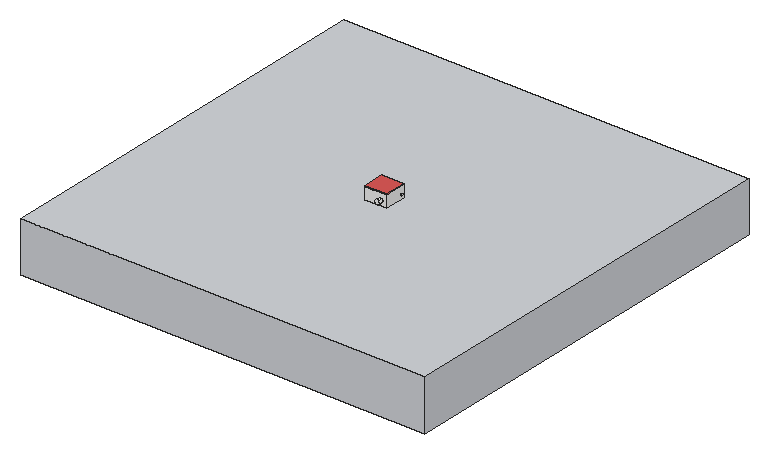
Revit family "Caja de conexión CBO 5-SEC_Aguilera Electronica", category Equipos eléctricos, Revit 2017
Family settings
  Anfitrión = Cara
  Cota de conector redondo = Diámetro de uso
  Tipo de pieza = Cuadro conmutador
  Número OmniClass = 23.85.30.21.11.14
  Título OmniClass = Alarm Panels
  Corte con vacíos al cargar = No
  Compartido = No
  Punto de cálculo de habitación = No
Parameters (values of type "Caja de conexión CBO 5-SEC")
  Voltage = ""
  URL = "https://aguilera.es/?productos=caja-de-conexion-cbo-5-sec"
  Símbolo texto modelo = yes
  Símbolo = yes
  Modelo = "AECS/CBO-SEC"
  Fondo = 75 mm  # constant formula
  Fabricante = "Aguilera Electrónica"  # constant formula
  Elevación por defecto = 1200 mm
  Diámetro tubo = 15 mm
  Descripción = "Caja para la conexión de un o dos cables sensor de temperatura tipo SEC15; incluye el módulo de conexión universal UCM.\r\nSi no fuera posible conectar directamente el cable sensor a la unidad de control SCU800, se utiliza el cable de comunicación CC15 para la conexión del cable sensor a través de la caja de conexión a la unidad de control.\r\nSe conectan en el interior de la caja de conexión el cable sensor con el cable de comunicación a través del módulo de conexión UCM.\r\nEl módulo de conexión universal UCM permite también la activación de la resistencia de adaptación de cada ramal en caso de configuración en estrella."  # constant formula
  Assembly Code = ""
  Comentarios de tipo = "Util para realizar la unión del cable de conexión CC15 con el cable de sensores y para derivaciones del cable de sensores.\r\n\r\nTemperatura de trabajo: -35ºC a +60ºC (+80ºC en cortos periodos de tiempo).\r\nProtección: IP 66\r\nDimensiones: 130x130x75mm"  # constant formula
  Ancho = 130 mm  # constant formula
  Alto = 130 mm  # constant formula
Reference planes
  plane 1 "Centro (Frontal/Posterior)": y = 0
  plane 2: z = 0
  plane 3 "Centro (Izquierda/Derecha)": x = 0
  plane 4: y = 65
  plane 5: y = -65
  plane 6: x = -65
  plane 7: x = 65
  plane 8: x = -121
  plane 9: x = 121
Forms (mm)
  Extrusion 1, solid
    sketch origin (0, 0, 0) x (1, 0, 0) y (0, 1, 0)
      loop
        line (-1219.2, 1219.2) -> (-1219.2, -1219.2) -> (1219.2, -1219.2) -> (1219.2, 1219.2) -> (-1219.2, 1219.2)
    from 0 to -304.8
  Extrusion 2, solid, material "Carcasa gris", detail levels medium+fine
    sketch origin (0, 0, 0) x (1, 0, 0) y (0, 1, 0)
      loop
        line (-65, -65) -> (65, -65) -> (65, 65) -> (-65, 65) -> (-65, -65)
    from 0 to 70
  Extrusion 3, solid, material "Acero", detail levels medium+fine
    sketch origin (0, 0, -10) x (0, 1, 0) y (0, 0, 1)
      loop
        line (43.455, 44.121) -> (38.625, 45.416) -> (35.09, 41.88) -> (36.384, 37.05) -> (41.213, 35.756) -> (44.749, 39.292) -> (43.455, 44.121)
    from 65 to 75.226
  Extrusion 4, solid, material "Acero", detail levels medium+fine
    sketch origin (0, 0, 0) x (1, 0, 0) y (0, 0, 1)
      loop
        line (39.456, 39.471) -> (24.967, 43.353) -> (14.36, 32.746) -> (18.243, 18.257) -> (32.732, 14.375) -> (43.338, 24.982) -> (39.456, 39.471)
    from 65 to 87.16
  Extrusion 5, solid, material "Carcasa roja", detail levels medium+fine
    sketch origin (0, 0, 0) x (1, 0, 0) y (0, 1, 0)
      loop
        line (-65, -65) -> (65, -65) -> (65, 65) -> (-65, 65) -> (-65, -65)
    from 70 to 75
Lines and regions (mm)
  model lines, detail levels coarse
    curve 1: line (121, 35, 0) -> (121, -35, 0)
Dimensions and locks
  equal spacing: plane 5, plane 1 "Centro (Frontal/Posterior)", plane 4
  "Alto": plane 5 to plane 4
  equal spacing: plane 6, plane 3 "Centro (Izquierda/Derecha)", plane 7
  "Ancho": plane 6 to plane 7
  equal spacing: plane 8, plane 3 "Centro (Izquierda/Derecha)", plane 9, locked at 121 each
  aligned and locked: plane 2 to Extrusion 1
  aligned and locked: level to Extrusion 1
Automatic sketch dimensions
  curve 1 to plane 9 = 0 mm
  curve 1 to plane 5 = 30 mm
  curve 1 to plane 4 = 30 mm
  Extrusion 1 sketch curve to Extrusion 1 sketch curve = 2438.4 mm  (x2)
  Extrusion 2 sketch curve to plane 6 = 0 mm
  Extrusion 2 sketch curve to plane 7 = 0 mm
  Extrusion 2 sketch curve to plane 5 = 0 mm
  plane 4 to Extrusion 2 sketch curve = 0 mm
  Extrusion 5 sketch curve to plane 6 = 0 mm
  Extrusion 5 sketch curve to plane 7 = 0 mm
  Extrusion 5 sketch curve to plane 5 = 0 mm
  plane 4 to Extrusion 5 sketch curve = 0 mm
Nested families
  nested 1: "S_Caja conexion_Aguilera Electronica" at (0, 0, 0), visible <- "Símbolo", type "S_Caja conexion_Aguilera Electronica", detail levels coarse
Connectors
  electrical at (75.226, 39.919, 30.586), driven by "Modelo"
    settings: on Extrusion 3, index 2, voltage 0 V, apparent load 0 VA, apparent load phase1 0 VA, apparent load phase2 0 VA, apparent load phase3 0 VA, power factor 1, load classification "Otro", number of poles 1, system type 11, power factor state 1, is connector primary yes, connector utility no, sub classification motor no, connector description "AECS/CBO-SEC"
  cabletrayconduit at (28.849, -87.16, 28.864), diameter 15, driven by "Modelo"
    settings: on Extrusion 4, index 3, connector width 300 mm, connector height 300 mm, connector angle 0.00°, system type 32, placement type 0, profile type 0, connector reference index -1, is primary connector yes, connector utility param no, connector description "AECS/CBO-SEC"
Definition of nested family "S_Caja conexion_Aguilera Electronica"
  Parameters (values of type "S_Caja conexion_Aguilera Electronica")
    Texto símbolo = "Caja conexion"
    Texto modelo = yes
    Modelo = "AECS/CBO-SEC"
  Reference planes
    plane 1: y = 0
    plane 2: x = 0
  Lines and regions (mm)
    detail lines
      curve 1: line (-2.844, -2.5, 0) -> (2.844, -2.5, 0)
      curve 2: line (-2.844, 2.5, 0) -> (-2.844, -2.5, 0)
      curve 3: line (2.844, 2.5, 0) -> (-2.844, 2.5, 0)
      curve 4: line (2.844, -2.5, 0) -> (2.844, 2.5, 0)
  Text (mm)
    label "Texto símbolo" at (-0.164, 2.864, 0), shows "Texto símbolo"
    label "Modelo" at (-0.164, -2.652, 0), shows "Modelo", visible <- "Texto modelo"
